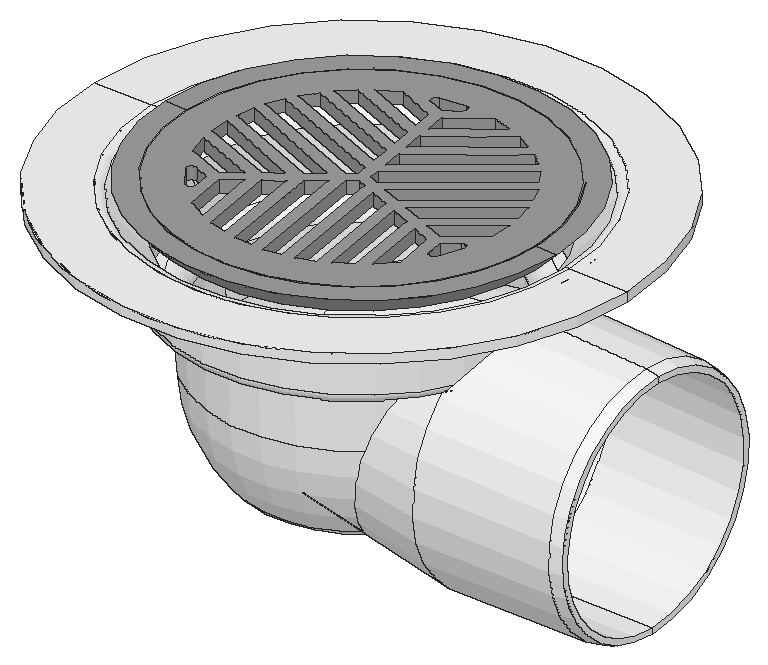
Revit family "3100.206.1 Down Pipe Junction SE100bf", category Plumbing Fixtures, Revit 2020
Family settings
  Round Connector Dimension = Use Diameter
  Part Type = Normal
  OmniClass Number = 23.13.41.39
  Work Plane-Based = No
  Always vertical = Yes
  Cut with Voids When Loaded = No
  Shared = No
  Room Calculation Point = No
Parameters (values of type "3100.206.1 100x100")
  Waste Connection = yes
  Vent Connection = no
  URL = "www.aquaknight.co.nz"
  Phone = "+6498322214"  # constant formula
  Model = "3100.206.1"
  Manufacturer = "Aquanight Industries Ltd"  # constant formula
  HW Connection = no
  Email = "info@aquaknight.co.nz"  # constant formula
  Description = "Deck Drain Side Exit 100mm Inlet w 100mm Outlet Big Flange"
  Default Elevation = 0 mm
  CW Connection = no
Reference planes
  plane 1 "Center (Front/Back)": y = 0
  plane 2: z = 0
  plane 3 "Center (Left/Right)": x = 0
  plane 4: through (127.099, -1524, -78.504) normal (-0.0262, 0, -0.9997)
  plane 5: through (99.276, -1524, -17.442) normal (0.9997, 0, -0.0262)
Forms (mm)
  Revolve 1, solid, material "Plastic, Glossy White"
    sketch origin (0, 0, -4) x (1, 0, 0) y (0, 0, 1)
      loop
        line (-114.941, 0) -> (-90.95, 0)
        arc (-90.95, 0) -> (-89.953, -0.207) -> (-89.122, -0.795) r 2.5
        line (-89.122, -0.795) -> (-77.37, -13.398)
        arc (-77.37, -13.398) -> (-76.888, -14.146) -> (-76.7, -15.015) r 2.5
        line (-76.7, -15.015) -> (-76.041, -33.863)
        arc (-76.041, -33.863) -> (-74.945, -36.477) -> (-72.392, -37.708) r 4
        line (-72.392, -37.708) -> (-67.747, -38.114)
        arc (-67.747, -38.114) -> (-64.555, -39.654) -> (-63.185, -42.921) r 5
        line (-63.185, -42.921) -> (-62.476, -63.239)
        arc (-62.476, -63.239) -> (-58.06, -84.467) -> (-46.809, -103.001) r 64
        arc (-46.809, -103.001) -> (-43.138, -106) -> (-38.676, -107.602) r 14
        line (-38.676, -107.602) -> (0, -114.422) -> (0, -110.36) -> (-37.763, -103.701)
        arc (-37.763, -103.701) -> (-40.976, -102.549) -> (-43.623, -100.393) r 10.105
        arc (-43.623, -100.393) -> (-54.208, -83.003) -> (-58.363, -63.074) r 59.956
        line (-58.363, -63.074) -> (-59.078, -42.67)
        arc (-59.078, -42.67) -> (-61.586, -36.858) -> (-67.298, -34.13) r 9.009
        line (-67.298, -34.13) -> (-71.95, -33.723) -> (-72.694, -12.447) -> (-86.577, 2.424)
        arc (-86.577, 2.424) -> (-88.235, 3.588) -> (-90.217, 4) r 5.009
        line (-90.217, 4) -> (-115, 4) -> (-114.941, 0)
      loop
        line (-84.5, 7.5) -> (-75.5, -1.5) -> (-73.659, -1.5) -> (-73.659, 3) -> (-75.161, 3) -> (-75.161, 7.5) -> (-84.5, 7.5)
      axis (0, 7.5) -> (0, -114.422)
    angle from 0 to 360
  Revolve 2, solid, material "Plastic, Glossy White"
    sketch origin (0, 0, 0) x (1, 0, 0) y (0, 0, 1)
      loop
        line (62.877, -129.509) -> (120.754, -129.866) -> (125.789, -128.55) -> (125.849, -126.257) -> (67.483, -126.259) -> (0, -114.36) -> (0, -118.422) -> (62.877, -129.509)
      axis (127.099, -78.504) -> (1.025, -75.202)
    angle from 0 to 360
  Extrusion 3, solid, material "Stainless Steel"
    sketch origin (0.16, 0.005, 0) x (-0.229107, 0.973401, 0) y (-0.973401, -0.229107, 0)
      loop
        circle (0.69, -0.06) r 75.25
      loop
        line (-8.218, -59.395) -> (-20.094, -33.928) -> (-25.061, -41.022) -> (-17.501, -57.236)
        arc (-17.501, -57.236) -> (-12.902, -58.5) -> (-8.218, -59.395) r 60
      loop
        line (-16.915, -29.388) -> (-2.656, -59.967)
        arc (-2.656, -59.967) -> (1.459, -60.055) -> (5.571, -59.862) r 60
        line (5.571, -59.862) -> (-11.948, -22.294) -> (-16.915, -29.388)
      loop
        line (-8.769, -17.753) -> (10.577, -59.24)
        arc (10.577, -59.24) -> (14.336, -58.488) -> (18.04, -57.497) r 60
        line (18.04, -57.497) -> (-3.801, -10.659) -> (-8.769, -17.753)
      loop
        arc (51.87, -31.376) -> (54.195, -27.212) -> (56.182, -22.878) r 60
        line (56.182, -22.878) -> (48.621, -6.663) -> (39.994, -5.908) -> (51.87, -31.376)
      loop
        line (34.473, -5.425) -> (25.845, -4.67) -> (43.364, -42.238)
        arc (43.364, -42.238) -> (46.155, -39.214) -> (48.732, -36.005) r 60
        line (48.732, -36.005) -> (34.473, -5.425)
      loop
        line (20.324, -4.187) -> (11.696, -3.432) -> (33.537, -50.271)
        arc (33.537, -50.271) -> (36.677, -48.07) -> (39.669, -45.674) r 60
        line (39.669, -45.674) -> (20.324, -4.187)
      loop
        line (-0.622, -6.119) -> (22.599, -55.917)
        arc (22.599, -55.917) -> (26.047, -54.439) -> (29.396, -52.748) r 60
        line (29.396, -52.748) -> (6.175, -2.949) -> (1.861, -2.572) -> (-0.622, -6.119)
      loop
        line (56.53, 21.892) -> (40.412, -1.126) -> (49.04, -1.881) -> (59.301, 12.774)
        arc (59.301, 12.774) -> (58.097, 17.388) -> (56.53, 21.892) r 60
      loop
        line (34.891, -0.643) -> (54.244, 26.995)
        arc (54.244, 26.995) -> (52.263, 30.603) -> (50.039, 34.067) r 60
        line (50.039, 34.067) -> (26.264, 0.111) -> (34.891, -0.643)
      loop
        line (20.742, 0.594) -> (46.998, 38.092)
        arc (46.998, 38.092) -> (44.467, 40.971) -> (41.757, 43.683) r 60
        line (41.757, 43.683) -> (12.115, 1.349) -> (20.742, 0.594)
      loop
        arc (2.22, 59.92) -> (-2.548, 59.852) -> (-7.296, 59.406) r 60
        line (-7.296, 59.406) -> (-17.557, 44.751) -> (-13.897, 36.902) -> (2.22, 59.92)
      loop
        line (-11.555, 31.878) -> (-7.895, 24.03) -> (15.881, 57.985)
        arc (15.881, 57.985) -> (11.866, 58.89) -> (7.798, 59.517) r 60
        line (7.798, 59.517) -> (-11.555, 31.878)
      loop
        line (-5.553, 19.006) -> (-1.893, 11.157) -> (27.75, 53.491)
        arc (27.75, 53.491) -> (24.275, 55.11) -> (20.703, 56.504) r 60
        line (20.703, 56.504) -> (-5.553, 19.006)
      loop
        line (6.593, 1.832) -> (38.109, 46.842)
        arc (38.109, 46.842) -> (35.105, 49.089) -> (31.966, 51.144) r 60
        line (31.966, 51.144) -> (0.45, 6.134) -> (2.28, 2.21) -> (6.593, 1.832)
      loop
        arc (-52.019, -28.726) -> (-49.577, -32.821) -> (-46.816, -36.709) r 60
        line (-46.816, -36.709) -> (-28.993, -38.269) -> (-24.026, -31.175) -> (-52.019, -28.726)
      loop
        line (-20.847, -26.634) -> (-15.88, -19.54) -> (-57.174, -15.928)
        arc (-57.174, -15.928) -> (-55.95, -19.857) -> (-54.459, -23.694) r 60
        line (-54.459, -23.694) -> (-20.847, -26.634)
      loop
        line (-12.701, -15) -> (-7.733, -7.906) -> (-59.217, -3.402)
        arc (-59.217, -3.402) -> (-58.881, -7.221) -> (-58.302, -11.011) r 60
        line (-58.302, -11.011) -> (-12.701, -15)
      loop
        line (-46.241, 37.322) -> (-18.248, 34.873) -> (-21.908, 42.722) -> (-39.73, 44.281)
        arc (-39.73, 44.281) -> (-43.124, 40.931) -> (-46.241, 37.322) r 60
      loop
        line (-15.905, 29.85) -> (-49.518, 32.791)
        arc (-49.518, 32.791) -> (-51.652, 29.271) -> (-53.539, 25.614) r 60
        line (-53.539, 25.614) -> (-12.245, 22.001) -> (-15.905, 29.85)
      loop
        line (-9.903, 16.978) -> (-55.504, 20.967)
        arc (-55.504, 20.967) -> (-56.733, 17.336) -> (-57.726, 13.633) r 60
        line (-57.726, 13.633) -> (-6.243, 9.129) -> (-9.903, 16.978)
      loop
        line (-4.554, -3.366) -> (-2.071, 0.181) -> (-3.901, 4.106) -> (-58.638, 8.894)
        arc (-58.638, 8.894) -> (-59.081, 5.169) -> (-59.291, 1.423) r 60
        line (-59.291, 1.423) -> (-4.554, -3.366)
      loop
        line (-28.576, 48.124) -> (-21.489, 47.504) -> (-17.409, 53.331)
        arc (-17.409, 53.331) -> (-17.46, 55.694) -> (-19.728, 56.359) r 2
        arc (-19.728, 56.359) -> (-24.667, 54.318) -> (-29.405, 51.846) r 60
        arc (-29.405, 51.846) -> (-30.354, 49.681) -> (-28.576, 48.124) r 2
      loop
        line (57.052, 1.193) -> (52.972, -4.634) -> (55.978, -11.081)
        arc (55.978, -11.081) -> (58.05, -12.219) -> (59.76, -10.587) r 2
        arc (59.76, -10.587) -> (60.462, -5.29) -> (60.69, 0.049) r 60
        arc (60.69, 0.049) -> (59.29, 1.953) -> (57.052, 1.193) r 2
      loop
        arc (-36.498, -42.43) -> (-38.52, -43.656) -> (-37.961, -45.953) r 2
        arc (-37.961, -45.953) -> (-33.724, -49.21) -> (-29.215, -52.077) r 60
        arc (-29.215, -52.077) -> (-26.866, -51.816) -> (-26.405, -49.497) r 2
        line (-26.405, -49.497) -> (-29.412, -43.05) -> (-36.498, -42.43)
    from -1.576 to 3.5
Lines and regions (mm)
  Masking region 1
    outline origin (0, 0, 0) x (0, 1, 0) y (-1, 0, 0)
      loop
        circle (0, 0) r 115
  model lines
    curve 1: line (125.849, 0, -126.257) -> (128.35, 0, -30.751)
  model lines, detail levels fine
    curve 2: circle (-0.114, 104.919, 0) r 4.5 normal (0, 0, 1)
    curve 3: circle (-91.047, 52.419, 0) r 4.5 normal (0, 0, 1)
    curve 4: circle (90.819, 52.419, 0) r 4.5 normal (0, 0, 1)
    curve 5: circle (90.819, -52.581, 0) r 4.5 normal (0, 0, 1)
    curve 6: circle (-0.114, -105.081, 0) r 4.5 normal (0, 0, 1)
    curve 7: circle (-91.047, -52.581, 0) r 4.5 normal (0, 0, 1)
    curve 8: circle (0, 105, 0) r 4.5 normal (0, 0, 1)
  symbolic lines, detail levels fine
    curve 9: circle (-90.933, 52.5, 0) r 4.5 normal (0, 0, 1)
    curve 10: circle (-90.933, -52.5, 0) r 4.5 normal (0, 0, 1)
    curve 11: circle (0, -105, 0) r 4.5 normal (0, 0, 1)
    curve 12: circle (90.933, -52.5, 0) r 4.5 normal (0, 0, 1)
    curve 13: circle (90.933, 52.5, 0) r 4.5 normal (0, 0, 1)
    curve 14: circle (0, 105, 0) r 4.5 normal (0, 0, 1)
  symbolic lines, detail levels medium+fine
    curve 15: circle (0, 0, 0) r 86.577 normal (0, 0, 1)
    curve 17: circle (0, 0, 0) r 41.975 normal (0, 0, 1)
    curve 18: circle (0, 0, 0) r 37.4 normal (0, 0, 1)
  symbolic lines, not visible, detail levels medium+fine
    curve 16: circle (0, 0, 0) r 75.5 normal (0, 0, 1)
Dimensions and locks
  locked: connector elem to plane 1 "Center (Front/Back)"
  locked: connector elem to plane 4
  aligned and locked: level to plane 2
  aligned and locked: Revolve 1 sketch curve to Revolve 1 sketch curve
  aligned and locked: Revolve 2 sketch curve to curve 1
  aligned and locked: Revolve 2 sketch curve to plane 3 "Center (Left/Right)"
  aligned and locked: Revolve 2 sketch curve to plane 4
  aligned and locked: curve 14 to curve 8
Automatic sketch dimensions
  Revolve 1 sketch curve to level = 0 mm
  Revolve 1 sketch curve to plane 3 "Center (Left/Right)" = 0 mm
  Revolve 1 sketch curve to level = 4.795 mm
  Revolve 1 sketch curve to level = 17.398 mm
  Revolve 1 sketch curve to level = 19.015 mm
  Revolve 1 sketch curve to level = 37.863 mm
  Revolve 1 sketch curve to level = 5.5 mm
  Revolve 1 sketch curve to level = 41.708 mm
  Revolve 1 sketch curve to Revolve 1 sketch curve = 0.106 mm
  Revolve 1 sketch curve to level = 42.114 mm
  Revolve 1 sketch curve to Revolve 1 sketch curve = 0.448 mm
  Revolve 1 sketch curve to level = 38.13 mm
  Revolve 1 sketch curve to Revolve 1 sketch curve = 0.001 mm
  Revolve 1 sketch curve to Revolve 1 sketch curve = 3.186 mm
  Revolve 1 sketch curve to Revolve 1 sketch curve = 0 mm  (x9)
  Revolve 1 sketch curve to Revolve 1 sketch curve = 0.71 mm
  Revolve 1 sketch curve to Revolve 1 sketch curve = 4.947 mm
  Revolve 1 sketch curve to Revolve 1 sketch curve = 4.112 mm
  Revolve 1 sketch curve to Revolve 1 sketch curve = 0.913 mm
  Revolve 2 sketch curve to plane 3 "Center (Left/Right)" = 9.429 mm
  Revolve 2 sketch curve to level = 78.504 mm
  Revolve 1 sketch curve to plane 3 "Center (Left/Right)" = 36.008 mm
  Revolve 1 sketch curve to Revolve 1 sketch curve = 0.237 mm
  Revolve 1 sketch curve to Revolve 1 sketch curve = 2.431 mm
  Revolve 1 sketch curve to Revolve 1 sketch curve = 22.833 mm
  Revolve 1 sketch curve to Revolve 1 sketch curve = 3.398 mm
  Revolve 1 sketch curve to Revolve 1 sketch curve = 4.561 mm
  Revolve 1 sketch curve to Revolve 1 sketch curve = 4.891 mm
  Revolve 1 sketch curve to Revolve 1 sketch curve = 4.652 mm
  Revolve 1 sketch curve to Revolve 1 sketch curve = 0.093 mm
  Revolve 1 sketch curve to Revolve 1 sketch curve = 0.349 mm
  Revolve 1 sketch curve to level = 16.447 mm
  Revolve 1 sketch curve to Revolve 1 sketch curve = 0.65 mm
  Revolve 1 sketch curve to Revolve 1 sketch curve = 0.964 mm
  Revolve 1 sketch curve to Revolve 1 sketch curve = 1.502 mm
  Revolve 1 sketch curve to Revolve 1 sketch curve = 1.841 mm
  Revolve 1 sketch curve to Revolve 1 sketch curve = 3.998 mm
  Revolve 1 sketch curve to Revolve 1 sketch curve = 4.005 mm
  Revolve 1 sketch curve to Revolve 1 sketch curve = 0.67 mm
  Revolve 1 sketch curve to Revolve 1 sketch curve = 1.828 mm
  Revolve 1 sketch curve to level = 1.576 mm
  Revolve 1 sketch curve to Revolve 1 sketch curve = 2.077 mm
  Revolve 1 sketch curve to Revolve 1 sketch curve = 2.545 mm
  Revolve 1 sketch curve to Revolve 1 sketch curve = 3.64 mm
  Revolve 1 sketch curve to Revolve 1 sketch curve = 1.102 mm
  Revolve 1 sketch curve to Revolve 1 sketch curve = 0.726 mm
  Revolve 1 sketch curve to level = 4 mm
  Revolve 1 sketch curve to Revolve 1 sketch curve = 23.991 mm
  Revolve 1 sketch curve to Revolve 1 sketch curve = 0.059 mm
  plane 3 "Center (Left/Right)" to Revolve 1 sketch curve = 1.485 mm
  Revolve 1 sketch curve to Revolve 1 sketch curve = 0.071 mm
  Revolve 1 sketch curve to Revolve 1 sketch curve = 30.51 mm
  Revolve 1 sketch curve to Revolve 1 sketch curve = 0.065 mm
  Revolve 1 sketch curve to Revolve 1 sketch curve = 13.787 mm
  Revolve 1 sketch curve to Revolve 1 sketch curve = 2.758 mm
  Revolve 1 sketch curve to Revolve 1 sketch curve = 4.062 mm
  Revolve 1 sketch curve to Revolve 1 sketch curve = 0.028 mm
  Revolve 1 sketch curve to Revolve 1 sketch curve = 0.01 mm
  Revolve 1 sketch curve to Revolve 1 sketch curve = 0.251 mm
  Revolve 1 sketch curve to level = 1 mm
  Revolve 1 sketch curve to Revolve 1 sketch curve = 2.609 mm
  plane 3 "Center (Left/Right)" to Revolve 2 sketch curve = 62.877 mm
  Revolve 2 sketch curve to Revolve 2 sketch curve = 4.607 mm
  Revolve 2 sketch curve to Revolve 2 sketch curve = 6.346 mm
  Revolve 2 sketch curve to Revolve 2 sketch curve = 5.035 mm
  Revolve 2 sketch curve to Revolve 2 sketch curve = 0.06 mm
  Revolve 2 sketch curve to Revolve 2 sketch curve = 0.958 mm
  Revolve 2 sketch curve to Revolve 2 sketch curve = 1.316 mm
  Revolve 2 sketch curve to Revolve 2 sketch curve = 3.249 mm
  Revolve 2 sketch curve to Revolve 2 sketch curve = 43.493 mm
  Revolve 2 sketch curve to Revolve 2 sketch curve = 4.062 mm
  Revolve 1 to curve 12 = 52.5 mm
  Revolve 1 to curve 10 = 52.5 mm
  curve 5 to curve 12 = 0.081 mm
  curve 7 to curve 10 = 0.081 mm
  curve 11 to curve 5 = 52.419 mm
  curve 6 to curve 11 = 0.081 mm
  curve 3 to Revolve 1 = 52.419 mm
  curve 4 to Revolve 1 = 52.419 mm
  curve 3 to curve 9 = 0.081 mm
  curve 4 to curve 13 = 0.081 mm
  curve 2 to curve 14 = 0.081 mm
  curve 4 to curve 16 = 90.819 mm
  curve 5 to curve 16 = 90.819 mm
  curve 12 to curve 5 = 0.114 mm
  curve 13 to curve 4 = 0.114 mm
  curve 5 to curve 11 = 90.819 mm
  curve 14 to curve 2 = 0.114 mm
  curve 11 to curve 6 = 0.114 mm
  curve 2 to curve 9 = 90.819 mm
  curve 6 to curve 10 = 90.819 mm
  curve 9 to curve 3 = 0.114 mm
  curve 10 to curve 7 = 0.114 mm
  level to Revolve 1 sketch curve = 3.5 mm
  Revolve 1 sketch curve to Revolve 1 sketch curve = 9.339 mm
  Extrusion 3 sketch curve to Extrusion 3 sketch curve = 0 mm  (x603)
  Revolve 1 to Extrusion 3 sketch curve = 58.036 mm
  Extrusion 3 sketch curve to Extrusion 3 sketch curve = 0.075 mm
  Extrusion 3 sketch curve to Extrusion 3 sketch curve = 0.654 mm
  Extrusion 3 sketch curve to Extrusion 3 sketch curve = 0.915 mm
  Extrusion 3 sketch curve to Extrusion 3 sketch curve = 0.911 mm
  Extrusion 3 sketch curve to Extrusion 3 sketch curve = 1.128 mm
  Extrusion 3 sketch curve to Extrusion 3 sketch curve = 2.222 mm
  Extrusion 3 sketch curve to Extrusion 3 sketch curve = 2.714 mm
  Extrusion 3 sketch curve to Extrusion 3 sketch curve = 1.965 mm
  Extrusion 3 sketch curve to Extrusion 3 sketch curve = 2.44 mm
  Extrusion 3 sketch curve to Extrusion 3 sketch curve = 4.022 mm
  Extrusion 3 sketch curve to Extrusion 3 sketch curve = 5.203 mm
  Extrusion 3 sketch curve to Extrusion 3 sketch curve = 3.276 mm
  Extrusion 3 sketch curve to Extrusion 3 sketch curve = 6.511 mm
  Extrusion 3 sketch curve to Extrusion 3 sketch curve = 10.144 mm
  Extrusion 3 sketch curve to Extrusion 3 sketch curve = 0.174 mm  (x2)
  Extrusion 3 sketch curve to Extrusion 3 sketch curve = 7.086 mm
  Extrusion 3 sketch curve to Extrusion 3 sketch curve = 0.418 mm  (x8)
  Extrusion 3 sketch curve to Extrusion 3 sketch curve = 11.155 mm
  Extrusion 3 sketch curve to Extrusion 3 sketch curve = 1.194 mm
  Extrusion 3 sketch curve to Extrusion 3 sketch curve = 1.813 mm  (x2)
  Extrusion 3 sketch curve to Extrusion 3 sketch curve = 3.932 mm  (x8)
  Extrusion 3 sketch curve to Extrusion 3 sketch curve = 4.967 mm  (x3)
  Extrusion 3 sketch curve to Extrusion 3 sketch curve = 6.668 mm
  Extrusion 3 sketch curve to Extrusion 3 sketch curve = 3.179 mm  (x3)
  Extrusion 3 sketch curve to Extrusion 3 sketch curve = 2.442 mm
  Extrusion 3 sketch curve to Extrusion 3 sketch curve = 3.66 mm  (x3)
  Extrusion 3 sketch curve to Extrusion 3 sketch curve = 4.35 mm  (x7)
  Extrusion 3 sketch curve to Extrusion 3 sketch curve = 8.905 mm
  Extrusion 3 sketch curve to Extrusion 3 sketch curve = 1.638 mm  (x2)
  Extrusion 3 sketch curve to Extrusion 3 sketch curve = 2.342 mm  (x3)
  Extrusion 3 sketch curve to Extrusion 3 sketch curve = 9.282 mm
  Extrusion 3 sketch curve to Extrusion 3 sketch curve = 10.114 mm
  Extrusion 3 sketch curve to Extrusion 3 sketch curve = 5.563 mm
  Extrusion 3 sketch curve to Extrusion 3 sketch curve = 2.484 mm
  Extrusion 3 sketch curve to Extrusion 3 sketch curve = 2.761 mm
  Extrusion 3 sketch curve to Extrusion 3 sketch curve = 1.171 mm
  Extrusion 3 sketch curve to Extrusion 3 sketch curve = 9.516 mm
  Extrusion 3 sketch curve to Extrusion 3 sketch curve = 1.59 mm
  Extrusion 3 sketch curve to Extrusion 3 sketch curve = 8.226 mm
  Extrusion 3 sketch curve to Extrusion 3 sketch curve = 4.314 mm  (x2)
  Extrusion 3 sketch curve to Extrusion 3 sketch curve = 5.578 mm
  Extrusion 3 sketch curve to Extrusion 3 sketch curve = 5.006 mm
  Extrusion 3 sketch curve to Extrusion 3 sketch curve = 5.521 mm  (x3)
  Extrusion 3 sketch curve to Extrusion 3 sketch curve = 8.083 mm
  Extrusion 3 sketch curve to Extrusion 3 sketch curve = 7.463 mm
  Extrusion 3 sketch curve to Extrusion 3 sketch curve = 8.627 mm  (x3)
  Extrusion 3 sketch curve to Extrusion 3 sketch curve = 4.823 mm
  Extrusion 3 sketch curve to Extrusion 3 sketch curve = 4.559 mm
  Extrusion 3 sketch curve to Extrusion 3 sketch curve = 7.047 mm
  Extrusion 3 sketch curve to Extrusion 3 sketch curve = 6.797 mm
  Extrusion 3 sketch curve to Extrusion 3 sketch curve = 4.216 mm
  Extrusion 3 sketch curve to Extrusion 3 sketch curve = 4.141 mm
  Extrusion 3 sketch curve to Extrusion 3 sketch curve = 6.144 mm
  Extrusion 3 sketch curve to Extrusion 3 sketch curve = 6.132 mm
  Extrusion 3 sketch curve to Extrusion 3 sketch curve = 3.648 mm
  Extrusion 3 sketch curve to Extrusion 3 sketch curve = 3.694 mm
  Extrusion 3 sketch curve to Extrusion 3 sketch curve = 5.241 mm
  Extrusion 3 sketch curve to Extrusion 3 sketch curve = 5.368 mm
  Extrusion 3 sketch curve to Extrusion 3 sketch curve = 3.041 mm
  Extrusion 3 sketch curve to Extrusion 3 sketch curve = 3.138 mm
  Extrusion 3 sketch curve to Extrusion 3 sketch curve = 4.204 mm
  Extrusion 3 sketch curve to Extrusion 3 sketch curve = 3.006 mm
  Extrusion 3 sketch curve to Extrusion 3 sketch curve = 4.313 mm
  Extrusion 3 sketch curve to Extrusion 3 sketch curve = 2.286 mm
  Extrusion 3 sketch curve to Extrusion 3 sketch curve = 4.08 mm
  Extrusion 3 sketch curve to Extrusion 3 sketch curve = 2.771 mm
  Extrusion 3 sketch curve to Extrusion 3 sketch curve = 0.074 mm
  Extrusion 3 sketch curve to Extrusion 3 sketch curve = 0.157 mm
  Extrusion 3 sketch curve to Extrusion 3 sketch curve = 0.755 mm  (x2)
  Extrusion 3 sketch curve to Extrusion 3 sketch curve = 1.168 mm
  Extrusion 3 sketch curve to Extrusion 3 sketch curve = 0.483 mm  (x2)
  Extrusion 3 sketch curve to Extrusion 3 sketch curve = 1.147 mm  (x2)
  Extrusion 3 sketch curve to Extrusion 3 sketch curve = 0.242 mm
  Extrusion 3 sketch curve to Extrusion 3 sketch curve = 3.074 mm
  Extrusion 3 sketch curve to Extrusion 3 sketch curve = 2.512 mm
  Extrusion 3 sketch curve to Extrusion 3 sketch curve = 0.377 mm
  Extrusion 3 sketch curve to Extrusion 3 sketch curve = 3.547 mm  (x2)
  Extrusion 3 sketch curve to Extrusion 3 sketch curve = 4.825 mm
  Extrusion 3 sketch curve to Extrusion 3 sketch curve = 4.782 mm  (x9)
  Extrusion 3 sketch curve to Extrusion 3 sketch curve = 2.753 mm  (x7)
  Extrusion 3 sketch curve to Extrusion 3 sketch curve = 4.54 mm  (x3)
  Extrusion 3 sketch curve to Extrusion 3 sketch curve = 5.602 mm
  Extrusion 3 sketch curve to Extrusion 3 sketch curve = 0.845 mm  (x2)
  Extrusion 3 sketch curve to Extrusion 3 sketch curve = 7.094 mm  (x3)
  Extrusion 3 sketch curve to Extrusion 3 sketch curve = 4.917 mm
  Extrusion 3 sketch curve to Extrusion 3 sketch curve = 11.796 mm
  Extrusion 3 sketch curve to Extrusion 3 sketch curve = 5.032 mm
  Extrusion 3 sketch curve to Extrusion 3 sketch curve = 4.629 mm
  Extrusion 3 sketch curve to Extrusion 3 sketch curve = 4.162 mm
  Extrusion 3 sketch curve to Extrusion 3 sketch curve = 1.992 mm  (x2)
  Extrusion 3 sketch curve to Extrusion 3 sketch curve = 3.436 mm
  Extrusion 3 sketch curve to Extrusion 3 sketch curve = 6.447 mm
  Extrusion 3 sketch curve to Extrusion 3 sketch curve = 2.477 mm
  Extrusion 3 sketch curve to Extrusion 3 sketch curve = 7.739 mm
  Extrusion 3 sketch curve to Extrusion 3 sketch curve = 1.58 mm
  Extrusion 3 sketch curve to Extrusion 3 sketch curve = 0.621 mm
  Extrusion 3 sketch curve to Extrusion 3 sketch curve = 2.27 mm
  Extrusion 3 sketch curve to Extrusion 3 sketch curve = 3.924 mm  (x2)
  Extrusion 3 sketch curve to Extrusion 3 sketch curve = 5.023 mm  (x3)
  Extrusion 3 sketch curve to Extrusion 3 sketch curve = 2.029 mm  (x6)
  Extrusion 3 sketch curve to Extrusion 3 sketch curve = 11.581 mm
  Extrusion 3 sketch curve to Extrusion 3 sketch curve = 4.739 mm
  Extrusion 3 sketch curve to Extrusion 3 sketch curve = 7.849 mm  (x3)
  Extrusion 3 sketch curve to Extrusion 3 sketch curve = 4.646 mm
  Extrusion 3 sketch curve to Extrusion 3 sketch curve = 5.103 mm
  Extrusion 3 sketch curve to Extrusion 3 sketch curve = 4.532 mm
  Extrusion 3 sketch curve to Extrusion 3 sketch curve = 4.025 mm
  Extrusion 3 sketch curve to Extrusion 3 sketch curve = 3.159 mm
  Extrusion 3 sketch curve to Extrusion 3 sketch curve = 0.62 mm
  Extrusion 3 sketch curve to Extrusion 3 sketch curve = 5.827 mm
  Extrusion 3 sketch curve to Extrusion 3 sketch curve = 2.348 mm
  Extrusion 3 sketch curve to Extrusion 3 sketch curve = 1.481 mm
  Extrusion 3 sketch curve to Extrusion 3 sketch curve = 6.075 mm
  radius of Masking region 1 sketch curve to Revolve 1 = 0 mm
  radius of curve 15 to Revolve 1 = 3.64 mm
  radius of curve 16 to Revolve 1 = 14.717 mm
  radius of curve 17 to Revolve 1 = 48.243 mm
  radius of curve 18 to Revolve 1 = 52.818 mm
  radius of curve 2 = 4.5 mm
  radius of curve 3 = 4.5 mm
  radius of curve 4 = 4.5 mm
  radius of curve 5 = 4.5 mm
  radius of curve 6 = 4.5 mm
  radius of curve 7 = 4.5 mm
  radius of curve 9 = 4.5 mm
  radius of curve 10 = 4.5 mm
  radius of curve 11 = 4.5 mm
  radius of curve 12 = 4.5 mm
  radius of curve 13 = 4.5 mm
  radius of Extrusion 3 sketch curve = 75.25 mm
Connectors
  piping at (97.697, 0, -77.734), diameter 100
    settings: on plane 5, index 3, connector inside diameter 609.6 mm, connector length 0 mm, flow factor 0, pipe flow 0.0 L/s, pressure drop 0.0 Pa, fitting loss kfactor 0, connector angle 0.00°, fixture units 0, engagement length 0 mm, angle of deflection 0.00°, flow configuration 0, flow direction 0, fitting loss method 0, system type 28, joint type 0, gender type 0, connector reference index -1, connector utility 0, adjustable connector no, is connector primary yes, connector description ""
